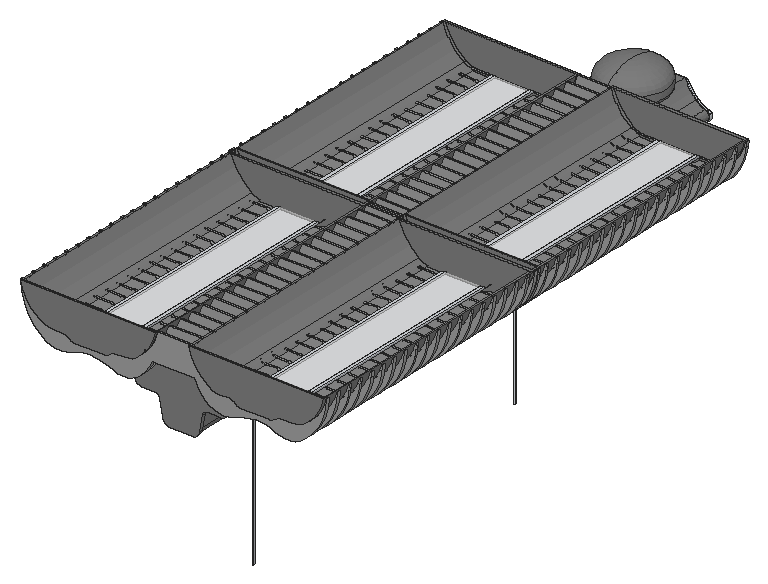
Revit family "0039275 Feilo Sylvania Lighting Fixtures SYLBAY LED 4000K 31KLM WIDE 1-10V PIR", category Lighting Fixtures, host Face, Revit 2017 (continued)
Definition of nested family "SylbayBody"
  Definition of nested family "SlybayRib"
    Forms (mm)
      Extrusion 2, solid, material <- "BodyMaterial"
        sketch origin (0, 0, 0) x (1, 0, 0) y (0, 0, 1)
          loop
            arc (-159.829, -53.728) -> (-143.258, -61.567) -> (-125.169, -58.599) r 30.791
            arc (-125.169, -58.599) -> (-113.533, -54.576) -> (-101.25, -53.728) r 46.777
            arc (-101.25, -53.728) -> (-87.202, -55.765) -> (-73.664, -60.037) r 87.865
            arc (-73.664, -60.037) -> (-55.541, -61.903) -> (-39.258, -53.728) r 32.519
            arc (-39.258, -53.728) -> (-31.199, -44.469) -> (-25.254, -33.728) r 58.361
            line (-25.254, -33.728) -> (25.254, -33.728)
            arc (25.254, -33.728) -> (31.199, -44.469) -> (39.258, -53.728) r 58.361
            arc (39.258, -53.728) -> (55.541, -61.903) -> (73.664, -60.037) r 32.519
            arc (73.664, -60.037) -> (87.202, -55.765) -> (101.25, -53.728) r 87.865
            arc (101.25, -53.728) -> (113.533, -54.576) -> (125.169, -58.599) r 46.777
            arc (125.169, -58.599) -> (143.258, -61.567) -> (159.829, -53.728) r 30.791
            arc (159.829, -53.728) -> (180.003, -30.129) -> (187.5, 0) r 67.598
            line (187.5, 0) -> (185.5, 0)
            arc (185.5, 0) -> (176.046, -19.314) -> (160.088, -33.728) r 56.788
            arc (160.088, -33.728) -> (153.193, -36.71) -> (145.75, -37.728) r 27.697
            line (145.75, -37.728) -> (132.583, -37.728)
            arc (132.583, -37.728) -> (129.421, -38.242) -> (126.583, -39.728) r 10
            line (126.583, -39.728) -> (123.917, -41.728)
            arc (123.917, -41.728) -> (121.079, -43.215) -> (117.917, -43.728) r 10
            line (117.917, -43.728) -> (84.583, -43.728)
            arc (84.583, -43.728) -> (81.421, -43.215) -> (78.583, -41.728) r 10
            line (78.583, -41.728) -> (75.917, -39.728)
            arc (75.917, -39.728) -> (73.079, -38.242) -> (69.917, -37.728) r 10
            line (69.917, -37.728) -> (58.25, -37.728)
            arc (58.25, -37.728) -> (51.55, -36.705) -> (45.461, -33.728) r 22.443
            arc (45.461, -33.728) -> (30.027, -18.905) -> (20, 0) r 67.602
            line (20, 0) -> (-20, 0)
            arc (-20, 0) -> (-30.027, -18.905) -> (-45.461, -33.728) r 67.602
            arc (-45.461, -33.728) -> (-51.55, -36.705) -> (-58.25, -37.728) r 22.443
            line (-58.25, -37.728) -> (-69.917, -37.728)
            arc (-69.917, -37.728) -> (-73.079, -38.242) -> (-75.917, -39.728) r 10
            line (-75.917, -39.728) -> (-78.583, -41.728)
            arc (-78.583, -41.728) -> (-81.421, -43.215) -> (-84.583, -43.728) r 10
            line (-84.583, -43.728) -> (-117.917, -43.728)
            arc (-117.917, -43.728) -> (-121.079, -43.215) -> (-123.917, -41.728) r 10
            line (-123.917, -41.728) -> (-126.583, -39.728)
            arc (-126.583, -39.728) -> (-129.421, -38.242) -> (-132.583, -37.728) r 10
            line (-132.583, -37.728) -> (-145.75, -37.728)
            arc (-145.75, -37.728) -> (-153.193, -36.71) -> (-160.088, -33.728) r 27.697
            arc (-160.088, -33.728) -> (-176.046, -19.314) -> (-185.5, 0) r 56.788
            line (-185.5, 0) -> (-187.5, 0)
        from 1.25 <- "RibExtrusionStart_FEILO" to -1.25 <- "RibExtrusionEnd_FEILO"
    Dimensions and locks
      equal spacing: plane 5, plane 3 "Center (Left/Right)", plane 4
      locked: plane 5 to plane 4 at 375
      locked: plane 6 to plane 7 at 62.478
      locked: plane 6 to plane 8 at 53.728
      equal spacing: plane 10, plane 3 "Center (Left/Right)", plane 9
      plane 3 "Center (Left/Right)" to plane 9 = 102.75 mm
      locked: plane 6 to plane 11 at 33.728
      equal spacing: plane 13, plane 9, plane 12
      locked: plane 14 to plane 8 at 10
      equal spacing: plane 16, plane 9, plane 15
      locked: plane 9 to plane 15 at 20
      locked: plane 17 to plane 14 at 6
      equal spacing: plane 19, plane 9, plane 18
      locked: plane 15 to plane 18 at 8
      equal spacing: plane 21, plane 9, plane 20
      locked: plane 18 to plane 20 at 15
      locked: plane 13 to plane 22 at 5.3
      locked: plane 3 "Center (Left/Right)" to Extrusion 2 sketch curve at 83.982  (x2)
      locked: plane 3 "Center (Left/Right)" to Extrusion 2 sketch curve at 79.005  (x2)
      locked: plane 3 "Center (Left/Right)" to Extrusion 2 sketch curve at 119.907  (x2)
      locked: plane 3 "Center (Left/Right)" to Extrusion 2 sketch curve at 61.405  (x2)
      locked: plane 3 "Center (Left/Right)" to Extrusion 2 sketch curve at 138.973  (x2)
      locked: plane 3 "Center (Left/Right)" to Extrusion 2 sketch curve at 84.583  (x2)
      locked: plane 3 "Center (Left/Right)" to Extrusion 2 sketch curve at 117.917  (x2)
      locked: plane 3 "Center (Left/Right)" to Extrusion 2 sketch curve at 132.583  (x2)
      locked: plane 3 "Center (Left/Right)" to Extrusion 2 sketch curve at 69.917  (x2)
      locked: Extrusion 2 sketch curve to plane 6 at 21.825  (x2)
      locked: Extrusion 2 sketch curve to plane 6 at 0.822  (x2)
      locked: plane 6 to Extrusion 2 sketch curve at 10.994  (x2)
      locked: plane 6 to Extrusion 2 sketch curve at 15.285  (x2)
      locked: plane 6 to Extrusion 2 sketch curve at 31.076  (x2)
      locked: plane 6 to Extrusion 2 sketch curve at 33.728  (x4)
      locked: plane 6 to Extrusion 2 sketch curve at 29.917  (x2)
      locked: plane 6 to Extrusion 2 sketch curve at 47.728  (x4)
      locked: plane 6 to Extrusion 2 sketch curve at 100.413  (x2)
      locked: plane 6 to Extrusion 2 sketch curve at 141.419  (x2)
      locked: plane 3 "Center (Left/Right)" to Extrusion 2 sketch curve at 106.788  (x2)
      locked: plane 3 "Center (Left/Right)" to Extrusion 2 sketch curve at 104.198  (x2)
      locked: plane 3 "Center (Left/Right)" to Extrusion 2 sketch curve at 130.69  (x2)
      locked: Extrusion 2 sketch curve to plane 6 at 14.858  (x2)
      locked: plane 6 to Extrusion 2 sketch curve at 10.032  (x2)
      locked: plane 3 "Center (Left/Right)" to Extrusion 2 sketch curve at 145.75  (x2)
      aligned and locked: plane 2 to Extrusion 1
      aligned and locked: level to Extrusion 1
      aligned and locked: plane 6 to Extrusion 2 sketch curve
      aligned and locked: plane 4 to Extrusion 2 sketch curve
      aligned and locked: plane 17 to Extrusion 2 sketch curve
      aligned and locked: plane 14 to Extrusion 2 sketch curve
      aligned and locked: Extrusion 2 sketch curve to plane 17
      aligned and locked: plane 8 to Extrusion 2 sketch curve  (x3)
      aligned and locked: plane 2 to plane 6
      aligned and locked: plane 20 to Extrusion 2 sketch curve
      aligned and locked: plane 11 to Extrusion 2 sketch curve  (x2)
      aligned and locked: plane 12 to Extrusion 2 sketch curve
      aligned and locked: Extrusion 2 sketch curve to plane 6
      aligned and locked: Extrusion 2 sketch curve to level
      aligned and locked: Extrusion 2 sketch curve to plane 11
    Automatic sketch dimensions
      Extrusion 1 sketch curve to Extrusion 1 sketch curve = 2438.4 mm  (x2)
      Extrusion 2 sketch curve to plane 11 = 0 mm  (x6)
      Extrusion 2 sketch curve to plane 8 = 0 mm  (x7)
      Extrusion 2 sketch curve to plane 17 = 0 mm
      Extrusion 2 sketch curve to plane 5 = 0 mm
      Extrusion 2 sketch curve to plane 14 = 0 mm
      Extrusion 2 sketch curve to plane 17 = 2 mm  (x3)
      Extrusion 2 sketch curve to plane 15 = 1.167 mm
      plane 14 to Extrusion 2 sketch curve = 2 mm  (x3)
      Extrusion 2 sketch curve to plane 19 = 1.167 mm
Definition of nested family "SlybayRib"
  Parameters (values of type "SylbayRib")
    URL = "http://www.feilosylvania.com"
    Type Image = (empty or 0)
    Type Comments = "n/a"
    RibThickness_FEILO = 2.5 mm
    RibExtrusionStart_FEILO = RibThickness_FEILO / 2  # 1.25 mm
    RibExtrusionEnd_FEILO = -RibThickness_FEILO / 2  # -1.25 mm
    RibDistance_FEILO = 0 mm
    Model = ""
    Manufacturer = "Feilo Sylvania"
    Keynote = ""
    Description = "n/a"
    Default Elevation = 1219.2 mm
    Cost = 0
    BodyMaterial = none
    Assembly Code = ""
  Reference planes
    plane 1 "Center (Front/Back)": y = 0
    plane 2: z = 0
    plane 3 "Center (Left/Right)": x = 0
    plane 4: x = -187.5
    plane 5: x = 187.5
    plane 6: z = 0
    plane 7: z = -62.478
    plane 8: z = -53.728
    plane 9: x = -102.75
    plane 10: x = 102.75
    plane 11: z = -33.728
    plane 12: x = -185.5
    plane 13: x = -20
    plane 14: z = -43.728
    plane 15: x = -122.75
    plane 16: x = -82.75
    plane 17: z = -37.728
    plane 18: x = -130.75
    plane 19: x = -74.75
    plane 20: x = -145.75
    plane 21: x = -59.75
    plane 22: x = -25.3
  Forms (mm)
    Extrusion 1, solid
      sketch origin (4.2, 0, 0) x (1, 0, 0) y (0, 1, 0)
        loop
          line (-1219.2, 1219.2) -> (-1219.2, -1219.2) -> (1219.2, -1219.2) -> (1219.2, 1219.2) -> (-1219.2, 1219.2)
      from 0 to -304.8
    Extrusion 2, solid, material <- "BodyMaterial"
      sketch origin (0, 0, 0) x (1, 0, 0) y (0, 0, 1)
        loop
          arc (-187.5, 0) -> (-180.003, -30.129) -> (-159.829, -53.728) r 67.598
          arc (-159.829, -53.728) -> (-143.258, -61.567) -> (-125.169, -58.599) r 30.791
          arc (-125.169, -58.599) -> (-113.533, -54.576) -> (-101.25, -53.728) r 46.777
          arc (-101.25, -53.728) -> (-87.202, -55.765) -> (-73.664, -60.037) r 87.865
          arc (-73.664, -60.037) -> (-55.541, -61.903) -> (-39.258, -53.728) r 32.519
          arc (-39.258, -53.728) -> (-31.199, -44.469) -> (-25.254, -33.728) r 58.361
          line (-25.254, -33.728) -> (25.254, -33.728)
          arc (25.254, -33.728) -> (31.199, -44.469) -> (39.258, -53.728) r 58.361
          arc (39.258, -53.728) -> (55.541, -61.903) -> (73.664, -60.037) r 32.519
          arc (73.664, -60.037) -> (87.202, -55.765) -> (101.25, -53.728) r 87.865
          arc (101.25, -53.728) -> (113.533, -54.576) -> (125.169, -58.599) r 46.777
          arc (125.169, -58.599) -> (143.258, -61.567) -> (159.829, -53.728) r 30.791
          arc (159.829, -53.728) -> (180.003, -30.129) -> (187.5, 0) r 67.598
          line (187.5, 0) -> (185.5, 0)
          arc (185.5, 0) -> (176.046, -19.314) -> (160.088, -33.728) r 56.788
          arc (160.088, -33.728) -> (153.193, -36.71) -> (145.75, -37.728) r 27.697
          line (145.75, -37.728) -> (132.583, -37.728)
          arc (132.583, -37.728) -> (129.421, -38.242) -> (126.583, -39.728) r 10
          line (126.583, -39.728) -> (123.917, -41.728)
          arc (123.917, -41.728) -> (121.079, -43.215) -> (117.917, -43.728) r 10
          line (117.917, -43.728) -> (84.583, -43.728)
          arc (84.583, -43.728) -> (81.421, -43.215) -> (78.583, -41.728) r 10
          line (78.583, -41.728) -> (75.917, -39.728)
          arc (75.917, -39.728) -> (73.079, -38.242) -> (69.917, -37.728) r 10
          line (69.917, -37.728) -> (58.25, -37.728)
          arc (58.25, -37.728) -> (51.55, -36.705) -> (45.461, -33.728) r 22.443
          arc (45.461, -33.728) -> (30.027, -18.905) -> (20, 0) r 67.602
          line (20, 0) -> (-20, 0)
          arc (-20, 0) -> (-30.027, -18.905) -> (-45.461, -33.728) r 67.602
          arc (-45.461, -33.728) -> (-51.55, -36.705) -> (-58.25, -37.728) r 22.443
          line (-58.25, -37.728) -> (-69.917, -37.728)
          arc (-69.917, -37.728) -> (-73.079, -38.242) -> (-75.917, -39.728) r 10
          line (-75.917, -39.728) -> (-78.583, -41.728)
          arc (-78.583, -41.728) -> (-81.421, -43.215) -> (-84.583, -43.728) r 10
          line (-84.583, -43.728) -> (-117.917, -43.728)
          arc (-117.917, -43.728) -> (-121.079, -43.215) -> (-123.917, -41.728) r 10
          line (-123.917, -41.728) -> (-126.583, -39.728)
          arc (-126.583, -39.728) -> (-129.421, -38.242) -> (-132.583, -37.728) r 10
          line (-132.583, -37.728) -> (-145.75, -37.728)
          arc (-145.75, -37.728) -> (-153.193, -36.71) -> (-160.088, -33.728) r 27.697
          arc (-160.088, -33.728) -> (-176.046, -19.314) -> (-185.5, 0) r 56.788
          line (-185.5, 0) -> (-187.5, 0)
      from 1.25 <- "RibExtrusionStart_FEILO" to -1.25 <- "RibExtrusionEnd_FEILO"
  Dimensions and locks
    equal spacing: plane 5, plane 3 "Center (Left/Right)", plane 4
    locked: plane 5 to plane 4 at 375
    locked: plane 6 to plane 7 at 62.478
    locked: plane 6 to plane 8 at 53.728
    equal spacing: plane 10, plane 3 "Center (Left/Right)", plane 9
    plane 3 "Center (Left/Right)" to plane 9 = 102.75 mm
    locked: plane 6 to plane 11 at 33.728
    equal spacing: plane 13, plane 9, plane 12
    locked: plane 14 to plane 8 at 10
    equal spacing: plane 16, plane 9, plane 15
    locked: plane 9 to plane 15 at 20
    locked: plane 17 to plane 14 at 6
    equal spacing: plane 19, plane 9, plane 18
    locked: plane 15 to plane 18 at 8
    equal spacing: plane 21, plane 9, plane 20
    locked: plane 18 to plane 20 at 15
    locked: plane 13 to plane 22 at 5.3
    locked: plane 3 "Center (Left/Right)" to Extrusion 2 sketch curve at 83.982  (x2)
    locked: plane 3 "Center (Left/Right)" to Extrusion 2 sketch curve at 79.005  (x2)
    locked: plane 3 "Center (Left/Right)" to Extrusion 2 sketch curve at 119.907  (x2)
    locked: plane 3 "Center (Left/Right)" to Extrusion 2 sketch curve at 61.405  (x2)
    locked: plane 3 "Center (Left/Right)" to Extrusion 2 sketch curve at 138.973  (x2)
    locked: plane 3 "Center (Left/Right)" to Extrusion 2 sketch curve at 84.583  (x2)
    locked: plane 3 "Center (Left/Right)" to Extrusion 2 sketch curve at 117.917  (x2)
    locked: plane 3 "Center (Left/Right)" to Extrusion 2 sketch curve at 132.583  (x2)
    locked: plane 3 "Center (Left/Right)" to Extrusion 2 sketch curve at 69.917  (x2)
    locked: Extrusion 2 sketch curve to plane 6 at 21.825  (x2)
    locked: Extrusion 2 sketch curve to plane 6 at 0.822  (x2)
    locked: plane 6 to Extrusion 2 sketch curve at 10.994  (x2)
    locked: plane 6 to Extrusion 2 sketch curve at 15.285  (x2)
    locked: plane 6 to Extrusion 2 sketch curve at 31.076  (x2)
    locked: plane 6 to Extrusion 2 sketch curve at 33.728  (x4)
    locked: plane 6 to Extrusion 2 sketch curve at 29.917  (x2)
    locked: plane 6 to Extrusion 2 sketch curve at 47.728  (x4)
    locked: plane 6 to Extrusion 2 sketch curve at 100.413  (x2)
    locked: plane 6 to Extrusion 2 sketch curve at 141.419  (x2)
    locked: plane 3 "Center (Left/Right)" to Extrusion 2 sketch curve at 106.788  (x2)
    locked: plane 3 "Center (Left/Right)" to Extrusion 2 sketch curve at 104.198  (x2)
    locked: plane 3 "Center (Left/Right)" to Extrusion 2 sketch curve at 130.69  (x2)
    locked: Extrusion 2 sketch curve to plane 6 at 14.858  (x2)
    locked: plane 6 to Extrusion 2 sketch curve at 10.032  (x2)
    locked: plane 3 "Center (Left/Right)" to Extrusion 2 sketch curve at 145.75  (x2)
    aligned and locked: plane 2 to Extrusion 1
    aligned and locked: level to Extrusion 1
    aligned and locked: plane 6 to Extrusion 2 sketch curve
    aligned and locked: plane 4 to Extrusion 2 sketch curve
    aligned and locked: plane 17 to Extrusion 2 sketch curve
    aligned and locked: plane 14 to Extrusion 2 sketch curve
    aligned and locked: Extrusion 2 sketch curve to plane 17
    aligned and locked: plane 8 to Extrusion 2 sketch curve  (x3)
    aligned and locked: plane 2 to plane 6
    aligned and locked: plane 20 to Extrusion 2 sketch curve
    aligned and locked: plane 11 to Extrusion 2 sketch curve  (x2)
    aligned and locked: plane 12 to Extrusion 2 sketch curve
    aligned and locked: Extrusion 2 sketch curve to plane 6
    aligned and locked: Extrusion 2 sketch curve to level
    aligned and locked: Extrusion 2 sketch curve to plane 11
  Automatic sketch dimensions
    Extrusion 1 sketch curve to Extrusion 1 sketch curve = 2438.4 mm  (x2)
    Extrusion 2 sketch curve to plane 11 = 0 mm  (x6)
    Extrusion 2 sketch curve to plane 8 = 0 mm  (x7)
    Extrusion 2 sketch curve to plane 17 = 0 mm
    Extrusion 2 sketch curve to plane 5 = 0 mm
    Extrusion 2 sketch curve to plane 14 = 0 mm
    Extrusion 2 sketch curve to plane 17 = 2 mm  (x3)
    Extrusion 2 sketch curve to plane 15 = 1.167 mm
    plane 14 to Extrusion 2 sketch curve = 2 mm  (x3)
    Extrusion 2 sketch curve to plane 19 = 1.167 mm
